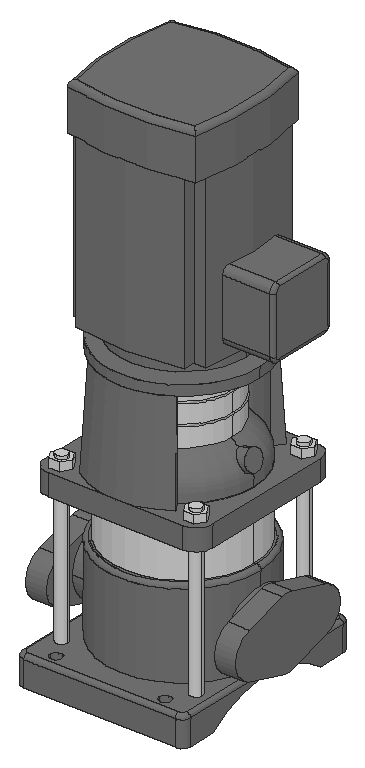
Revit family "TESK_Насос вертикальный с овальными фланцами_SVMT-15", category Оборудование, Revit 2019
Family settings
  Размер круглого соединителя = Использовать диаметр
  Классификация = Насос
  Тип детали = Вставляется
  На основе рабочей плоскости = Нет
  Всегда вертикально = Да
  При загрузке вырезать с полостями = Нет
  Общий = Нет
  Точка расчета площади = Нет
Parameters (values of type "Загрузите каталог типоразмеров TXT")
  Таблица_Поиска = "TESK_SVMT-15 ОФ"  # constant formula
  Производитель_Контакты = "info@teskpump.ru"
  Напор максимальный = 0
  Материал_КорпусУлитка = TESK_Черный_Условный
  Материал_КорпусДвигателя = TESK_Черный_Ребра_Условный
  Материал_2 = TESK_Нержавеющая сталь
  Материал_1 = TESK_Черный_Условный
  Длина_ВспомЛиния = 30 mm  # constant formula
  Высота_Перехода = size_lookup(Таблица_Поиска, "A5", 130 mm, ADSK_Марка)  # 130 mm
  Высота_Корпуса = size_lookup(Таблица_Поиска, "A1", 352 mm, ADSK_Марка)  # 352 mm
  Watermark [instance] = "Модели защищены уникальным кодом"
  URL = "www.teskpump.ru"
  ADSK_Свободный напор жидкости [instance] = 0.0 Pa
  ADSK_Расход жидкости [instance] = 0.0 L/s
  ADSK_Полная мощность = ADSK_Номинальная мощность * ADSK_Коэффициент мощности  # 0 kVA
  ADSK_Номинальная мощность = size_lookup(Таблица_Поиска, "Pow", 0 kW, ADSK_Марка)  # 0 kW
  ADSK_Напряжение = 400 V
  ADSK_Наименование краткое = "Вертикальный многоступенчатый центробежный насос"  # constant formula
  ADSK_Наименование = size_lookup(Таблица_Поиска, "Name", "Не найдено: Насос TESK SVMT-15", ADSK_Марка)  # "Не найдено: Насос TESK SVMT-15"
  ADSK_Масса_Текст = size_lookup(Таблица_Поиска, "mass_t", "Не найдено: Насос TESK SVMT-15", ADSK_Марка)  # "Не найдено: Насос TESK SVMT-15"
  ADSK_Масса = size_lookup(Таблица_Поиска, "mass", 0, ADSK_Марка)  # 0
  ADSK_Марка = "Загрузите каталог типоразмеров TXT"
  ADSK_Коэффициент мощности = 1
  ADSK_Количество фаз числовое = ADSK_Количество фаз  # 3
  ADSK_Количество фаз = if(ADSK_Напряжение = 230 V, 1, 3)  # 3
  ADSK_Количество = 1  # constant formula
  ADSK_Код изделия = size_lookup(Таблица_Поиска, "code", "Не найдено: Насос TESK SVMT-15", ADSK_Марка)  # "Не найдено: Насос TESK SVMT-15"
  ADSK_Классификация нагрузок = Прочее
  ADSK_Завод-изготовитель = "TESK"  # constant formula
  ADSK_Единица измерения = "шт."  # constant formula
  ADSK_Диаметр условный = 50 mm  # constant formula
  ADSK_Версия семейства = "1.0"  # constant formula
  ADSK_Версия Revit = "2019"  # constant formula
  Фланец_Толщина = 25 mm  # constant formula
  УГО_Длина = 250 mm  # constant formula
  Двигатель_Ширина = size_lookup(Таблица_Поиска, "A3", 170 mm, ADSK_Марка)  # 170 mm
  Двигатель_ОтступКоробки = size_lookup(Таблица_Поиска, "A4", 142 mm, ADSK_Марка)  # 142 mm
  Двигатель_Высота = size_lookup(Таблица_Поиска, "A2", 280 mm, ADSK_Марка)  # 280 mm
Reference planes
  plane 1 "По центру (Вперед/Назад)": y = 0
  plane 2: z = 0
  plane 3 "По центру (Влево/Вправо)": x = 0
  plane 4: x = -125
  plane 5: x = 125
  plane 6: x = -100
  plane 7: x = 100
  plane 8: z = -80
  plane 9: z = 272
  plane 10: z = -45
  plane 11: x = -85
  plane 12: z = 142
  plane 13: x = -50
  plane 14: z = 142
  plane 15: z = 117
  plane 16: x = -100
  plane 17: y = 100
  plane 18: x = 100
  plane 19: y = -100
  plane 20: z = 260
  plane 21: z = 187
  plane 22: x = -58
  plane 23: x = -60
  plane 24: z = 211.333
  plane 25: z = 235.667
  plane 26: z = 236.667
  plane 27: z = 234.667
  plane 28: z = 212.333
  plane 29: z = 210.333
  plane 30: z = 255
  plane 31: x = -85
  plane 32: x = -100
  plane 33: x = -92
  plane 34: x = -80
  plane 35: x = 80
  plane 36: y = -80
  plane 37: y = 80
  plane 38: z = 155
  plane 39: x = -100
  plane 40: x = 100
  plane 41: y = 123.5
  plane 42: y = -123.5
  plane 43: x = -65
  plane 44: x = 65
  plane 45: y = -107.5
  plane 46: y = 107.5
  plane 47: z = 45
  plane 48: z = 60
  plane 49: x = -85
  plane 50: x = -93
  plane 51: x = -80
  plane 52: x = 80
  plane 53: y = 80
  plane 54: y = -80
  plane 55: z = 60
  plane 56: z = -50
  plane 57: x = 95
  plane 58: x = 100
  plane 59: x = 85
  plane 60: x = 100
  plane 61: x = 92
  plane 62: z = 193.387
  plane 63: y = -80
  plane 64: y = 80
  plane 65: x = -100
  plane 66: x = 100
  plane 67: x = 55
  plane 68: z = 162
Forms (mm)
  Extrusion 1, solid, material "TESK_Черный_Условный" <- "Материал_КорпусУлитка", detail levels fine
    sketch origin (0, 0, 0) x (0, 1, 0) y (0, 0, 1)
      loop
        circle (0, 0) r 40
    from -100 to 100
  Revolve 2, solid, material "TESK_Черный_Условный" <- "Материал_1", detail levels fine
    sketch origin (0, 0, 0) x (1, 0, 0) y (0, 0, 1)
      loop
        line (0, 260) -> (-50, 260) -> (-50, 193.387)
        spline (-50, 193.387) -> (-51.902, 186.379) -> (-55.88, 184.278) -> (-60.634, 182.07) -> (-65.428, 179.293) -> (-69.591, 176.327) -> (-72.964, 173.449) -> (-75.78, 170.646) -> (-78.487, 167.259) -> (-80.986, 163.355) -> (-82.903, 159.12) -> (-84.356, 153.192) -> (-85, 142)
        line (-85, 142) -> (-85, 117) -> (0, 117) -> (0, 260)
      axis (0, 117) -> (0, 260)
    angle from 0 to 360
  Extrusion 3, solid, material "TESK_Черный_Условный" <- "Материал_1", detail levels fine
    sketch origin (0, 0, 0) x (1, 0, 0) y (0, 1, 0)
      loop
        line (-100, 80) -> (-100, -80)
        arc (-100, -80) -> (-94.142, -94.142) -> (-80, -100) r 20
        line (-80, -100) -> (80, -100)
        arc (80, -100) -> (94.142, -94.142) -> (100, -80) r 20
        line (100, -80) -> (100, 80)
        arc (100, 80) -> (94.142, 94.142) -> (80, 100) r 20
        line (80, 100) -> (-80, 100)
        arc (-80, 100) -> (-94.142, 94.142) -> (-100, 80) r 20
    from 117 to 142
  Revolve 4, solid, material "TESK_Нержавеющая сталь" <- "Материал_2", detail levels fine
    sketch origin (0, 0, 0) x (1, 0, 0) y (0, 0, 1)
      loop
        line (-60, 255) -> (-60, 236.667)
        arc (-60, 236.667) -> (-61, 235.667) -> (-60, 234.667) r 1
        line (-60, 234.667) -> (-60, 212.333)
        arc (-60, 212.333) -> (-61, 211.333) -> (-60, 210.333) r 1
        line (-60, 210.333) -> (-60, 187) -> (-58, 187) -> (-58, 255) -> (-60, 255)
      axis (0, 187) -> (0, 255)
    angle from 0 to 360
  Extrusion 5, solid, material "TESK_Черный_Условный" <- "Материал_1", detail levels fine
    sketch origin (0, 0, 0) x (1, 0, 0) y (0, 1, 0)
      loop
        circle (0, 0) r 92
    from 260 to 272
  Revolve 6, solid, material "TESK_Черный_Условный" <- "Материал_1", detail levels fine
    sketch origin (0, 0, 0) x (1, 0, 0) y (0, 0, 1)
      loop
        line (-85, 260) -> (-92, 260) -> (-100, 142) -> (-85, 142) -> (-85, 260)
      axis (0, 142) -> (0, 260)
    angle from 125 to 55
  Extrusion 7, solid, material "TESK_Нержавеющая сталь" <- "Материал_2", detail levels fine
    sketch origin (0, 0, 0) x (1, 0, 0) y (0, 1, 0)
      loop
        circle (-80, 80) r 7
      loop
        circle (80, 80) r 7
      loop
        circle (-80, -80) r 7
      loop
        circle (80, -80) r 7
    from -45 to 155
  Extrusion 8, solid, material "TESK_Черный_Условный" <- "Материал_1", detail levels fine
    sketch origin (0, 0, 0) x (1, 0, 0) y (0, 1, 0)
      loop
        arc (-90, 123.5) -> (-97.071, 120.571) -> (-100, 113.5) r 10
        line (-100, 113.5) -> (-100, -113.5)
        arc (-100, -113.5) -> (-97.071, -120.571) -> (-90, -123.5) r 10
        line (-90, -123.5) -> (90, -123.5)
        arc (90, -123.5) -> (97.071, -120.571) -> (100, -113.5) r 10
        line (100, -113.5) -> (100, 113.5)
        arc (100, 113.5) -> (97.071, 120.571) -> (90, 123.5) r 10
        line (90, 123.5) -> (-90, 123.5)
    from -80 to -45
  Extrusion 9, void
    sketch origin (0, 0, 0) x (1, 0, 0) y (0, 1, 0)
      loop
        circle (-65, 107.5) r 7
      loop
        circle (65, 107.5) r 7
      loop
        circle (-65, -107.5) r 7
      loop
        circle (65, -107.5) r 7
    from -80 to -45
  Revolve 10, solid, material "TESK_Черный_Условный" <- "Материал_КорпусУлитка", detail levels fine
    sketch origin (0, 0, 0) x (1, 0, 0) y (0, 0, 1)
      loop
        line (-93, -45) -> (0, -45) -> (0, 60) -> (-88, 60)
        arc (-88, 60) -> (-91.536, 58.536) -> (-93, 55) r 5
        line (-93, 55) -> (-93, -45)
      axis (0, -45) -> (0, 60)
    angle from 0 to 360
  Extrusion 11, solid, material "TESK_Нержавеющая сталь" <- "Материал_2", detail levels fine
    sketch origin (0, 0, 0) x (1, 0, 0) y (0, 1, 0)
      loop
        circle (0, 0) r 85
    from 60 to 117
  Sweep 12, void
    path in 3D
      loop
        arc (100, 113.5, -45) -> (97.071, 120.571, -45) -> (90, 123.5, -45) r 10
        line (90, 123.5, -45) -> (-90, 123.5, -45)
        arc (-90, 123.5, -45) -> (-97.071, 120.571, -45) -> (-100, 113.5, -45) r 10
        line (-100, 113.5, -45) -> (-100, -113.5, -45)
        arc (-100, -113.5, -45) -> (-97.071, -120.571, -45) -> (-90, -123.5, -45) r 10
        line (-90, -123.5, -45) -> (90, -123.5, -45)
        arc (90, -123.5, -45) -> (97.071, -120.571, -45) -> (100, -113.5, -45) r 10
        line (100, -113.5, -45) -> (100, 113.5, -45)
    profile origin (100, 0, -45) x (-1, 0, 0) y (0, 0, 1)
      loop
        line (5, 0) -> (0, 0) -> (0, -5)
        arc (0, -5) -> (1.464, -1.464) -> (5, 0) r 5
  Revolve 13, solid, material "TESK_Черный_Условный" <- "Материал_1", detail levels fine
    sketch origin (0, 0, 0) x (-1, 0, 0) y (0, 0, 1)
      loop
        line (-85, 260) -> (-92, 260) -> (-100, 142) -> (-85, 142) -> (-85, 260)
      axis (0, 142) -> (0, 260)
    angle from -125 to -55
  Extrusion 14, void
    sketch origin (0, 0, 0) x (0, 1, 0) y (0, 0, 1)
      loop
        line (-80, -80) -> (80, -80)
        arc (80, -80) -> (0, -52.47) -> (-80, -80) r 130
    from 100 to -100
  Extrusion 15, solid, material "TESK_Черный_Условный" <- "Материал_КорпусУлитка", detail levels fine
    sketch origin (0, 0, 0) x (0, 1, 0) y (0, 0, 1)
      loop
        line (-7.28, 41.486) -> (-56.312, 27.273)
        arc (-56.312, 27.273) -> (-77.26, 0) -> (-56.312, -27.273) r 28.228
        line (-56.312, -27.273) -> (-7.28, -41.486)
        arc (-7.28, -41.486) -> (0, -42.441) -> (7.28, -41.486) r 28.228
        line (7.28, -41.486) -> (56.312, -27.273)
        arc (56.312, -27.273) -> (77.26, 0) -> (56.312, 27.273) r 28.228
        line (56.312, 27.273) -> (7.28, 41.486)
        arc (7.28, 41.486) -> (0, 42.441) -> (-7.28, 41.486) r 28.228
    from 100 to 125
  Extrusion 16, solid, material "TESK_Черный_Условный" <- "Материал_КорпусУлитка", detail levels fine
    sketch origin (0, 0, 0) x (0, 1, 0) y (0, 0, 1)
      loop
        line (-7.28, 41.486) -> (-56.312, 27.273)
        arc (-56.312, 27.273) -> (-77.26, 0) -> (-56.312, -27.273) r 28.228
        line (-56.312, -27.273) -> (-7.28, -41.486)
        arc (-7.28, -41.486) -> (0, -42.441) -> (7.28, -41.486) r 28.228
        line (7.28, -41.486) -> (56.312, -27.273)
        arc (56.312, -27.273) -> (77.26, 0) -> (56.312, 27.273) r 28.228
        line (56.312, 27.273) -> (7.28, 41.486)
        arc (7.28, 41.486) -> (0, 42.441) -> (-7.28, 41.486) r 28.228
    from -100 to -125
  Sweep 17, solid, material "TESK_Черный_Условный" <- "Материал_1", detail levels fine
    path in 3D
      loop
        line (55, 0, 162) -> (83.978, 0, 169.765)
    profile origin (69.489, 0, 165.882) x (-0.258819, 0, 0.965926) y (0, -1, 0)
      loop
        circle (0, 0) r 12.65
Cuts and joins
  Extrusion 9, Sweep 12, Extrusion 14 cuts Extrusion 8
Lines and regions (mm)
  sketch lines
    curve 1: line (100, -113.5, -45) -> (100, 113.5, -45)
    curve 2: arc (90, 123.5, -45) -> (97.071, 120.571, -45) -> (100, 113.5, -45) r 10
    curve 3: line (90, 123.5, -45) -> (-90, 123.5, -45)
    curve 4: arc (-100, 113.5, -45) -> (-97.071, 120.571, -45) -> (-90, 123.5, -45) r 10
    curve 5: line (-100, 113.5, -45) -> (-100, -113.5, -45)
    curve 6: arc (-90, -123.5, -45) -> (-97.071, -120.571, -45) -> (-100, -113.5, -45) r 10
    curve 7: line (-90, -123.5, -45) -> (90, -123.5, -45)
    curve 8: arc (100, -113.5, -45) -> (97.071, -120.571, -45) -> (90, -123.5, -45) r 10
    curve 10: line (55, 0, 162) -> (83.978, 0, 169.765)
  reference lines
    curve 9: line (55, 0, 162) -> (83.978, 0, 169.765)
Dimensions and locks
  locked: plane 3 "По центру (Влево/Вправо)" to plane 4 at 125
  locked: plane 5 to plane 3 "По центру (Влево/Вправо)" at 125
  locked: plane 2 to plane 8 at 80
  locked: plane 10 to plane 8 at 35
  locked: plane 3 "По центру (Влево/Вправо)" to plane 11 at 85
  "Высота_Перехода": plane 9 to plane 12
  locked: plane 3 "По центру (Влево/Вправо)" to plane 13 at 50
  "Высота_Перехода": plane 9 to plane 14
  locked: plane 14 to plane 15 at 25
  equal spacing: plane 16, plane 3 "По центру (Влево/Вправо)", plane 18
  equal spacing: plane 17, plane 1 "По центру (Вперед/Назад)", plane 19
  locked: plane 19 to plane 1 "По центру (Вперед/Назад)" at 100
  locked: plane 16 to plane 3 "По центру (Влево/Вправо)" at 100
  locked: plane 21 to plane 14 at 45
  locked: plane 9 to plane 20 at 12
  locked: plane 3 "По центру (Влево/Вправо)" to plane 22 at 58
  locked: plane 3 "По центру (Влево/Вправо)" to plane 23 at 60
  equal spacing: plane 20, plane 25, plane 24, plane 21
  plane 26 to plane 25 to plane 27 = 1 mm locked, 1 mm locked
  plane 28 to plane 24 to plane 29 = 1 mm locked, 1 mm locked
  locked: plane 20 to plane 30 at 5
  locked: plane 3 "По центру (Влево/Вправо)" to plane 31 at 85
  locked: plane 32 to plane 3 "По центру (Влево/Вправо)" at 100
  locked: plane 3 "По центру (Влево/Вправо)" to plane 33 at 92
  equal spacing: plane 34, plane 3 "По центру (Влево/Вправо)", plane 35
  locked: plane 34 to plane 3 "По центру (Влево/Вправо)" at 80
  equal spacing: plane 37, plane 1 "По центру (Вперед/Назад)", plane 36
  locked: plane 37 to plane 1 "По центру (Вперед/Назад)" at 80
  locked: plane 38 to plane 14 at 13
  equal spacing: plane 39, plane 3 "По центру (Влево/Вправо)", plane 40
  locked: plane 39 to plane 3 "По центру (Влево/Вправо)" at 100
  equal spacing: plane 41, plane 1 "По центру (Вперед/Назад)", plane 42
  locked: plane 41 to plane 1 "По центру (Вперед/Назад)" at 123.5
  equal spacing: plane 43, plane 3 "По центру (Влево/Вправо)", plane 44
  locked: plane 43 to plane 3 "По центру (Влево/Вправо)" at 65
  equal spacing: plane 46, plane 1 "По центру (Вперед/Назад)", plane 45
  locked: plane 46 to plane 1 "По центру (Вперед/Назад)" at 107.5
  locked: plane 3 "По центру (Влево/Вправо)" to plane 49 at 85
  locked: plane 49 to plane 50 at 8
  locked: plane 47 to plane 2 at 45
  locked: plane 48 to plane 47 at 15
  equal spacing: plane 53, plane 1 "По центру (Вперед/Назад)", plane 54
  locked: plane 53 to plane 1 "По центру (Вперед/Назад)" at 80
  equal spacing: plane 51, plane 3 "По центру (Влево/Вправо)", plane 52
  locked: plane 3 "По центру (Влево/Вправо)" to plane 52 at 80
  locked: plane 55 to plane 2 at 60
  locked: plane 10 to plane 56 at 5
  locked: plane 3 "По центру (Влево/Вправо)" to plane 58 at 100
  locked: plane 57 to plane 58 at 5
  locked: plane 60 to plane 3 "По центру (Влево/Вправо)" at 100
  locked: plane 3 "По центру (Влево/Вправо)" to plane 61 at 92
  locked: plane 3 "По центру (Влево/Вправо)" to plane 59 at 85
  locked: plane 62 to plane 12 at 51.387
  "Фланец_Толщина": plane 6 to plane 4
  "Фланец_Толщина": plane 5 to plane 7
  "Высота_Корпуса": plane 9 to plane 8
  equal spacing: plane 63, plane 1 "По центру (Вперед/Назад)", plane 64
  locked: plane 63 to plane 1 "По центру (Вперед/Назад)" at 80
  equal spacing: plane 66, plane 3 "По центру (Влево/Вправо)", plane 65
  locked: plane 3 "По центру (Влево/Вправо)" to plane 65 at 100
  locked: plane 8 to Extrusion 14 sketch curve at 102.47
  equal spacing: Extrusion 15 sketch curve, plane 2, Extrusion 15 sketch curve
  equal spacing: Extrusion 15 sketch curve, plane 1 "По центру (Вперед/Назад)", Extrusion 15 sketch curve
  locked: Extrusion 15 sketch curve to plane 1 "По центру (Вперед/Назад)" at 49.032
  locked: Extrusion 15 sketch curve to plane 2 at 14.213
  equal spacing: Extrusion 16 sketch curve, plane 2, Extrusion 16 sketch curve
  equal spacing: Extrusion 16 sketch curve, plane 1 "По центру (Вперед/Назад)", Extrusion 16 sketch curve
  locked: Extrusion 16 sketch curve to plane 1 "По центру (Вперед/Назад)" at 49.032
  locked: Extrusion 16 sketch curve to plane 2 at 14.213
  locked: plane 67 to plane 3 "По центру (Влево/Вправо)" at 55
  locked: plane 68 to plane 14 at 20
  "Длина_ВспомЛиния": curve 9 to curve 9
  diameter of Extrusion 1 sketch curve = 80 mm
  radius of Extrusion 3 sketch curve = 20 mm  (x4)
  radius of Revolve 4 sketch curve = 1 mm  (x2)
  diameter of Extrusion 5 sketch curve = 184 mm
  diameter of Extrusion 7 sketch curve = 14 mm  (x4)
  radius of Extrusion 8 sketch curve = 10 mm  (x4)
  diameter of Extrusion 9 sketch curve = 14 mm  (x4)
  diameter of Extrusion 11 sketch curve = 170 mm
  radius of Sweep 12 sketch curve = 5 mm
  radius of Revolve 10 sketch curve = 5 mm
  radius of Extrusion 14 sketch curve = 130 mm
  radius of Extrusion 15 sketch curve = 28.228 mm  (x4)
  radius of Extrusion 16 sketch curve = 28.228 mm  (x4)
  diameter of Sweep 17 sketch curve = 25.3 mm
  locked: plane 68 to curve 9 (angle 15.00°)
  aligned and locked: level to plane 2
  aligned and locked: Extrusion 1 to plane 6
  aligned and locked: plane 7 to Extrusion 1
  aligned and locked: plane 9 to nested 1
  aligned and locked: plane 3 "По центру (Влево/Вправо)" to Revolve 2 sketch curve
  aligned and locked: Revolve 2 sketch curve to plane 3 "По центру (Влево/Вправо)"
  aligned and locked: Revolve 2 sketch curve to plane 11
  aligned and locked: plane 12 to Revolve 2 sketch curve
  aligned and locked: Extrusion 3 sketch curve to plane 16
  aligned and locked: Extrusion 3 sketch curve to plane 17
  aligned and locked: Extrusion 3 sketch curve to plane 18
  aligned and locked: Extrusion 3 sketch curve to plane 19
  aligned and locked: plane 14 to Extrusion 3
  aligned and locked: Extrusion 3 to plane 15
  aligned and locked: plane 3 "По центру (Влево/Вправо)" to Revolve 4 sketch curve
  aligned and locked: Revolve 4 sketch curve to plane 23  (x3)
  aligned and locked: Revolve 4 sketch curve to plane 21
  aligned and locked: Revolve 4 sketch curve to plane 22
  aligned and locked: Revolve 4 sketch curve to plane 30
  aligned and locked: Extrusion 5 to plane 20
  aligned and locked: plane 9 to Extrusion 5
  aligned and locked: plane 3 "По центру (Влево/Вправо)" to Revolve 6 sketch curve
  aligned and locked: Revolve 6 sketch curve to plane 31
  aligned and locked: plane 14 to Revolve 6 sketch curve
  aligned and locked: plane 37 to Extrusion 7 sketch curve  (x2)
  aligned and locked: plane 34 to Extrusion 7 sketch curve  (x2)
  aligned and locked: plane 35 to Extrusion 7 sketch curve  (x2)
  aligned and locked: plane 36 to Extrusion 7 sketch curve  (x2)
  aligned and locked: Extrusion 7 to plane 10
  aligned and locked: plane 38 to Extrusion 7
  aligned and locked: Extrusion 8 sketch curve to plane 41
  aligned and locked: Extrusion 8 sketch curve to plane 39
  aligned and locked: Extrusion 8 sketch curve to plane 40
  aligned and locked: Extrusion 8 sketch curve to plane 42
  aligned and locked: plane 8 to Extrusion 8
  aligned and locked: plane 10 to Extrusion 8
  aligned and locked: Revolve 2 sketch curve to plane 20
  aligned and locked: nested 2 to plane 1 "По центру (Вперед/Назад)"
  aligned and locked: nested 2 to plane 3 "По центру (Влево/Вправо)"
  aligned and locked: nested 3 to plane 3 "По центру (Влево/Вправо)"
  aligned and locked: nested 3 to plane 1 "По центру (Вперед/Назад)"
  aligned and locked: plane 2 to nested 3
  aligned and locked: plane 43 to Extrusion 9 sketch curve  (x2)
  aligned and locked: plane 45 to Extrusion 9 sketch curve
  aligned and locked: plane 44 to Extrusion 9 sketch curve  (x2)
  aligned and locked: plane 46 to Extrusion 9 sketch curve  (x2)
  aligned and locked: plane 10 to Extrusion 9
  aligned and locked: Extrusion 9 to plane 8
  aligned and locked: plane 3 "По центру (Влево/Вправо)" to Revolve 10 sketch curve
  aligned and locked: Revolve 10 sketch curve to plane 10
  aligned and locked: Revolve 10 sketch curve to plane 50
  aligned and locked: Revolve 10 sketch curve to plane 48
  aligned and locked: Revolve 10 sketch curve to plane 3 "По центру (Влево/Вправо)"
  aligned and locked: plane 3 "По центру (Влево/Вправо)" to nested 1
  aligned and locked: plane 1 "По центру (Вперед/Назад)" to nested 1
  aligned and locked: nested 4 to plane 53
  aligned and locked: plane 52 to nested 4
  aligned and locked: plane 53 to nested 5
  aligned and locked: plane 51 to nested 5
  aligned and locked: plane 54 to nested 7
  aligned and locked: nested 7 to plane 51
  aligned and locked: nested 6 to plane 54
  aligned and locked: nested 6 to plane 52
  aligned and locked: plane 14 to nested 6
  aligned and locked: nested 4 to plane 14
  aligned and locked: nested 7 to plane 14
  aligned and locked: plane 14 to nested 5
  aligned and locked: Revolve 2 sketch curve to plane 15
  aligned and locked: plane 1 "По центру (Вперед/Назад)" to Extrusion 11 sketch curve
  aligned and locked: plane 3 "По центру (Влево/Вправо)" to Extrusion 11 sketch curve
  aligned and locked: plane 15 to Extrusion 11
  aligned and locked: Extrusion 11 to plane 55
  aligned and locked: plane 10 to Sweep 12 sketch curve
  aligned and locked: plane 58 to Sweep 12 sketch curve
  aligned and locked: Revolve 2 sketch curve to plane 13
  aligned and locked: Revolve 6 sketch curve to plane 20
  aligned and locked: plane 33 to Revolve 6 sketch curve
  aligned and locked: Revolve 13 sketch curve to plane 59
  aligned and locked: Revolve 13 sketch curve to plane 60
  aligned and locked: Revolve 13 sketch curve to plane 14
  aligned and locked: Revolve 13 sketch curve to plane 20
  aligned and locked: plane 62 to Revolve 2 sketch curve
  aligned and locked: plane 32 to Revolve 6 sketch curve
  aligned and locked: plane 61 to Revolve 13 sketch curve
  aligned and locked: plane 63 to Extrusion 14 sketch curve
  aligned and locked: plane 64 to Extrusion 14 sketch curve
  aligned and locked: Extrusion 14 to plane 66
  aligned and locked: Extrusion 14 to plane 65
  aligned and locked: plane 1 "По центру (Вперед/Назад)" to Extrusion 14 sketch curve
  aligned and locked: plane 1 "По центру (Вперед/Назад)" to Extrusion 15 sketch curve  (x2)
  aligned and locked: plane 2 to Extrusion 15 sketch curve  (x2)
  aligned and locked: Extrusion 15 to plane 7
  aligned and locked: plane 5 to Extrusion 15
  aligned and locked: plane 2 to Extrusion 16 sketch curve  (x2)
  aligned and locked: plane 1 "По центру (Вперед/Назад)" to Extrusion 16 sketch curve  (x2)
  aligned and locked: Extrusion 16 to plane 6
  aligned and locked: Extrusion 16 to plane 4
  aligned and locked: plane 67 to curve 9
  aligned and locked: plane 68 to curve 9
Automatic sketch dimensions
  Extrusion 1 sketch curve to level = 0 mm
  Extrusion 1 sketch curve to plane 1 "По центру (Вперед/Назад)" = 0 mm
  Revolve 4 sketch curve to plane 29 = 0 mm
  Revolve 4 sketch curve to plane 27 = 0 mm
  Revolve 4 sketch curve to plane 21 = 10 mm
  plane 38 to Revolve 4 sketch curve = 2 mm
  plane 1 "По центру (Вперед/Назад)" to Extrusion 5 sketch curve = 0 mm
  Extrusion 5 sketch curve to plane 3 "По центру (Влево/Вправо)" = 0 mm
  Extrusion 9 sketch curve to plane 45 = 0 mm
  Sweep 12 sketch curve to profile plane = 0 mm
  Sweep 12 sketch curve to plane 57 = 0 mm
  Sweep 12 sketch curve to plane 56 = 0 mm  (x2)
  Revolve 6 sketch curve to plane 21 = 7.057 mm
  Revolve 13 sketch curve to plane 3 "По центру (Влево/Вправо)" = 0 mm
  plane 21 to Revolve 13 sketch curve = 7.057 mm
  Revolve 10 sketch curve to Revolve 10 sketch curve = 27 mm
  Revolve 10 sketch curve to plane 15 = 10 mm
  Extrusion 15 sketch curve to Extrusion 15 sketch curve = 0 mm
  Extrusion 15 sketch curve to Extrusion 15 sketch curve = 7.28 mm  (x5)
  Extrusion 15 sketch curve to Extrusion 15 sketch curve = 14.56 mm
  Extrusion 15 sketch curve to plane 1 "По центру (Вперед/Назад)" = 7.28 mm
  Extrusion 16 sketch curve to Extrusion 16 sketch curve = 0 mm
  Extrusion 16 sketch curve to Extrusion 16 sketch curve = 7.28 mm  (x5)
  Extrusion 16 sketch curve to Extrusion 16 sketch curve = 14.56 mm
  Extrusion 16 sketch curve to Extrusion 16 sketch curve = 14.213 mm
  plane 38 to Revolve 6 sketch curve = 5 mm
  Revolve 13 sketch curve to plane 38 = 5 mm
  Sweep 17 sketch curve to profile plane = 0 mm
  profile plane to Sweep 17 sketch curve = 0 mm
  Revolve 2 sketch curve to plane 15 = 8 mm
  Revolve 2 sketch curve to Revolve 2 sketch curve = 2 mm
Nested families
  nested 1: "Электродвигатель" at (0, 0, 272), Высота_Двигателя <- "Двигатель_Высота", Отступ_Коробка <- "Двигатель_ОтступКоробки", Ширина_Двигателя <- "Двигатель_Ширина", ADSK_Материал <- "Материал_1", Материал_Корпуса <- "Материал_КорпусДвигателя", type "Электродвигатель", detail levels fine
    with Ширина_Коробки 85 mm, Ширина_Двигателя 170 mm, Отступ_Коробка 142 mm, Материал_Корпуса TESK_Черный_Ребра_Условный, Высота_Двигателя 280 mm, r_Крышка 6.8 mm, r_Коробка 8.5 mm, r2_Коробка 4.25 mm, r2 76.5 mm, r1 62.9 mm, h4 14 mm, h3 56 mm, h2 16.8 mm, h1 5.6 mm, a 20.4 mm, R 323 mm, ADSK_Материал TESK_Черный_Условный
  nested 2: "Вл_УГО_Насос_2D" at (0, 0, 0) x (-1, 0, 0) z (0, 0, 1), L_УГО <- "УГО_Длина", type "Вл_УГО_Насос_2D", detail levels coarse+medium
    with L_УГО 250 mm
  nested 3: "Вл_УГО_Насос_3D" at (0, 0, 0) x (-1, 0, 0) z (0, -1, 0), L_УГО <- "УГО_Длина", type "Вл_УГО_Насос_3D", detail levels coarse+medium
    with L_УГО 250 mm
  nested 4: "Гайка_Условная" at (80, 80, 142), Материал1 <- "Материал_2", type "Гайка_Условная", detail levels fine
    with Толщина_Гайка 10 mm, Материал1 TESK_Нержавеющая сталь, S_Гайка 22 mm, D_Вн 14 mm
  nested 5: "Гайка_Условная" at (-80, 80, 142) x (-1, 0, 0) z (0, 0, 1), Материал1 <- "Материал_2", type "Гайка_Условная", detail levels fine
    with Толщина_Гайка 10 mm, Материал1 TESK_Нержавеющая сталь, S_Гайка 22 mm, D_Вн 14 mm
  nested 6: "Гайка_Условная" at (80, -80, 142), Материал1 <- "Материал_2", type "Гайка_Условная", detail levels fine
    with Толщина_Гайка 10 mm, Материал1 TESK_Нержавеющая сталь, S_Гайка 22 mm, D_Вн 14 mm
  nested 7: "Гайка_Условная" at (-80, -80, 142) x (-1, 0, 0) z (0, 0, 1), Материал1 <- "Материал_2", type "Гайка_Условная", detail levels fine
    with Толщина_Гайка 10 mm, Материал1 TESK_Нержавеющая сталь, S_Гайка 22 mm, D_Вн 14 mm
Connectors
  electrical at (0, 0, 496), driven by "ADSK_Количество фаз", driven by "ADSK_Классификация нагрузок", driven by "ADSK_Напряжение", driven by "ADSK_Полная мощность", driven by "ADSK_Коэффициент мощности"
    settings: on nested 1, index 1, voltage 400 V, apparent load 0 kVA, apparent load phase1 0 kVA, apparent load phase2 0 kVA, apparent load phase3 0 kVA, power factor 1, load classification "Прочее", number of poles 3, system type 30, power factor state 1, is connector primary yes, connector utility no, sub classification motor no, connector description ""
  piping at (-125, 0, 0), diameter 50, driven by "ADSK_Диаметр условный", driven by "ADSK_Расход жидкости"
    settings: on Extrusion 16, index 2, connector inside diameter 609.6 mm, connector length 0 mm, flow factor 0, pipe flow 0.0 L/s, pressure drop 0.0 Pa, fitting loss kfactor 0, connector angle 0.00°, fixture units 0, engagement length 0 mm, angle of deflection 0.00°, flow configuration 0, flow direction 1, fitting loss method 0, system type 29, joint type 0, gender type 0, connector reference index 3, connector utility 0, adjustable connector no, is connector primary no, connector description ""
  piping at (125, 0, 0), diameter 50, driven by "ADSK_Диаметр условный", driven by "ADSK_Расход жидкости"
    settings: on Extrusion 15, index 3, connector inside diameter 609.6 mm, connector length 0 mm, flow factor 0, pipe flow 0.0 L/s, pressure drop 0.0 Pa, fitting loss kfactor 0, connector angle 0.00°, fixture units 0, engagement length 0 mm, angle of deflection 0.00°, flow configuration 0, flow direction 2, fitting loss method 0, system type 29, joint type 0, gender type 0, connector reference index 2, connector utility 0, adjustable connector no, is connector primary yes, connector description ""
Definition of nested family "Электродвигатель"
  Parameters (values of type "Электродвигатель")
    Ширина_Коробки [instance] = Ширина_Двигателя * 0.5  # 74 mm
    Ширина_Двигателя [instance] = 148 mm
    Отступ_Коробка [instance] = 117 mm
    Материал_Корпуса [instance] = none
    Высота_Двигателя [instance] = 239 mm
    r_Крышка [instance] = Ширина_Двигателя * 0.04  # 5.92 mm
    r_Коробка [instance] = Ширина_Коробки * 0.1  # 7.4 mm
    r2_Коробка [instance] = Ширина_Коробки * 0.05  # 3.7 mm
    r2 [instance] = Ширина_Двигателя * 0.45  # 66.6 mm
    r1 [instance] = Ширина_Двигателя * 0.37  # 54.76 mm
    h4 [instance] = Высота_Двигателя * 0.05  # 11.95 mm
    h3 [instance] = Высота_Двигателя * 0.2  # 47.8 mm
    h2 [instance] = Высота_Двигателя * 0.06  # 14.34 mm
    h1 [instance] = Высота_Двигателя * 0.02  # 4.78 mm
    a [instance] = Ширина_Двигателя * 0.12  # 17.76 mm
    R [instance] = Ширина_Двигателя * 1.9  # 281.2 mm
    ADSK_Материал [instance] = none
  Reference planes
    plane 1 "По центру (Вперед/Назад)": y = 0
    plane 2: z = 0
    plane 3 "По центру (Влево/Вправо)": x = 0
    plane 4: z = 239
    plane 5: x = -74
    plane 6: x = 74
    plane 7: x = 117
    plane 8: y = 74
    plane 9: y = -74
    plane 10: z = 4.78
    plane 11: z = 19.12
    plane 12: z = 191.2
    plane 13: x = -56.24
    plane 14: y = -56.24
    plane 15: y = 56.24
    plane 16: x = -56.24
    plane 17: x = 56.24
    plane 18: y = 56.24
    plane 19: x = 56.24
    plane 20: y = -56.24
    plane 21: x = -66.6
    plane 22: x = -54.76
    plane 23: x = 207.2
    plane 24: x = -207.2
    plane 25: y = -207.2
    plane 26: y = 207.2
    plane 27: x = 207.2
    plane 28: y = -207.2
    plane 29: x = -207.2
    plane 30: y = 207.2
    plane 31: y = 68.08
    plane 32: z = 233.08
    plane 33: z = 31.07
    plane 34: z = 105.07
    plane 35: y = -37
    plane 36: y = 37
    plane 37: x = 113.3
    plane 38: z = 101.37
  Forms (mm)
    Extrusion 1, solid, material <- "Материал_Корпуса"
      sketch origin (0, 0, 0) x (1, 0, 0) y (0, 1, 0)
        loop
          arc (-68.319, 56.24) -> (-74, 0) -> (-68.319, -56.24) r 281.2
          line (-68.319, -56.24) -> (-56.24, -56.24) -> (-56.24, -68.319)
          arc (-56.24, -68.319) -> (0, -74) -> (56.24, -68.319) r 281.2
          line (56.24, -68.319) -> (56.24, -56.24) -> (68.319, -56.24)
          arc (68.319, -56.24) -> (74, 0) -> (68.319, 56.24) r 281.2
          line (68.319, 56.24) -> (56.24, 56.24) -> (56.24, 68.319)
          arc (56.24, 68.319) -> (0, 74) -> (-56.24, 68.319) r 281.2
          line (-56.24, 68.319) -> (-56.24, 56.24) -> (-68.319, 56.24)
      from 19.12 to 191.2
    Revolve 2, solid, material <- "ADSK_Материал"
      sketch origin (0, 0, 0) x (1, 0, 0) y (0, 0, 1)
        loop
          line (-66.6, 19.12) -> (-66.6, 4.78) -> (-54.76, 4.78) -> (-54.76, 0) -> (0, 0) -> (0, 19.12) -> (-66.6, 19.12)
        axis (0, 0) -> (0, 19.12)
      angle from 0 to 360
    Extrusion 3, solid, material <- "ADSK_Материал"
      sketch origin (0, 0, 0) x (1, 0, 0) y (0, 1, 0)
        loop
          arc (-66.117, 66.117) -> (-74, 0) -> (-66.117, -66.117) r 281.2
          arc (-66.117, -66.117) -> (0, -74) -> (66.117, -66.117) r 281.2
          arc (66.117, -66.117) -> (74, 0) -> (66.117, 66.117) r 281.2
          arc (66.117, 66.117) -> (0, 74) -> (-66.117, 66.117) r 281.2
      from 191.2 to 239
    Sweep 4, void
      path in 3D
        loop
          arc (66.117, 66.117, 239) -> (74, 0, 239) -> (66.117, -66.117, 239) r 281.2
          arc (66.117, -66.117, 239) -> (0, -74, 239) -> (-66.117, -66.117, 239) r 281.2
          arc (-66.117, -66.117, 239) -> (-74, 0, 239) -> (-66.117, 66.117, 239) r 281.2
          arc (-66.117, 66.117, 239) -> (0, 74, 239) -> (66.117, 66.117, 239) r 281.2
      profile origin (0, 74, 239) x (0, 1, 0) y (0, 0, 1)
        loop
          line (0, 0) -> (-5.92, 0)
          arc (-5.92, 0) -> (-1.734, -1.734) -> (0, -5.92) r 5.92
          line (0, -5.92) -> (0, 0)
    Extrusion 5, solid, material <- "ADSK_Материал"
      sketch origin (0, 0, 0) x (0, 1, 0) y (0, 0, 1)
        loop
          line (-29.6, 31.07) -> (29.6, 31.07)
          arc (29.6, 31.07) -> (34.833, 33.237) -> (37, 38.47) r 7.4
          line (37, 38.47) -> (37, 97.67)
          arc (37, 97.67) -> (34.833, 102.903) -> (29.6, 105.07) r 7.4
          line (29.6, 105.07) -> (-29.6, 105.07)
          arc (-29.6, 105.07) -> (-34.833, 102.903) -> (-37, 97.67) r 7.4
          line (-37, 97.67) -> (-37, 38.47)
          arc (-37, 38.47) -> (-34.833, 33.237) -> (-29.6, 31.07) r 7.4
      from 0 to 117
    Sweep 6, void
      path in 3D
        loop
          arc (117, -29.6, 105.07) -> (117, -34.833, 102.903) -> (117, -37, 97.67) r 7.4
          line (117, -37, 97.67) -> (117, -37, 38.47)
          arc (117, -37, 38.47) -> (117, -34.833, 33.237) -> (117, -29.6, 31.07) r 7.4
          line (117, -29.6, 31.07) -> (117, 29.6, 31.07)
          arc (117, 29.6, 31.07) -> (117, 34.833, 33.237) -> (117, 37, 38.47) r 7.4
          line (117, 37, 38.47) -> (117, 37, 97.67)
          arc (117, 37, 97.67) -> (117, 34.833, 102.903) -> (117, 29.6, 105.07) r 7.4
          line (117, 29.6, 105.07) -> (117, -29.6, 105.07)
      profile origin (117, 0, 105.07) x (1, 0, 0) y (0, 0, 1)
        loop
          arc (-3.7, 0) -> (-1.084, -1.084) -> (0, -3.7) r 3.7
          line (0, -3.7) -> (0, 0) -> (-3.7, 0)
  Cuts and joins
    Sweep 4 cuts Extrusion 3
    Sweep 6 cuts Extrusion 5
  Lines and regions (mm)
    sketch lines
      curve 1: arc (-66.117, 66.117, 239) -> (0, 74, 239) -> (66.117, 66.117, 239) r 281.2
      curve 2: arc (66.117, 66.117, 239) -> (74, 0, 239) -> (66.117, -66.117, 239) r 281.2
      curve 3: arc (66.117, -66.117, 239) -> (0, -74, 239) -> (-66.117, -66.117, 239) r 281.2
      curve 4: arc (-66.117, -66.117, 239) -> (-74, 0, 239) -> (-66.117, 66.117, 239) r 281.2
      curve 5: line (117, 29.6, 105.07) -> (117, -29.6, 105.07)
      curve 6: arc (117, 29.6, 105.07) -> (117, 34.833, 102.903) -> (117, 37, 97.67) r 7.4
      curve 7: line (117, 37, 38.47) -> (117, 37, 97.67)
      curve 8: arc (117, 37, 38.47) -> (117, 34.833, 33.237) -> (117, 29.6, 31.07) r 7.4
      curve 9: line (117, -29.6, 31.07) -> (117, 29.6, 31.07)
      curve 10: arc (117, -29.6, 31.07) -> (117, -34.833, 33.237) -> (117, -37, 38.47) r 7.4
      curve 11: line (117, -37, 97.67) -> (117, -37, 38.47)
      curve 12: arc (117, -37, 97.67) -> (117, -34.833, 102.903) -> (117, -29.6, 105.07) r 7.4
  Dimensions and locks
    "Высота_Двигателя": plane 4 to plane 2
    equal spacing: plane 6, plane 3 "По центру (Влево/Вправо)", plane 5
    "Ширина_Двигателя": plane 6 to plane 5
    "Отступ_Коробка": plane 7 to plane 3 "По центру (Влево/Вправо)"
    equal spacing: plane 8, plane 1 "По центру (Вперед/Назад)", plane 9
    "Ширина_Двигателя": plane 8 to plane 9
    "a": plane 5 to plane 13
    "a": plane 14 to plane 9
    "a": plane 19 to plane 6
    "a": plane 20 to plane 9
    "a": plane 17 to plane 6
    "a": plane 8 to plane 18
    "a": plane 8 to plane 15
    "a": plane 5 to plane 16
    "r1": plane 3 "По центру (Влево/Вправо)" to plane 22
    "r2": plane 3 "По центру (Влево/Вправо)" to plane 21
    "h1": plane 10 to plane 2
    "h2": plane 11 to plane 10
    "h3": plane 4 to plane 12
    "R": plane 8 to plane 25
    "R": plane 5 to plane 23
    "R": plane 26 to plane 9
    "R": plane 24 to plane 6
    "R": plane 30 to plane 9
    "R": plane 8 to plane 28
    "R": plane 29 to plane 6
    "R": plane 5 to plane 27
    "r_Крышка": plane 8 to plane 31
    "r_Крышка": plane 4 to plane 32
    "h4": plane 33 to plane 11
    "Ширина_Коробки": plane 34 to plane 33
    equal spacing: plane 35, plane 1 "По центру (Вперед/Назад)", plane 36
    "Ширина_Коробки": plane 35 to plane 36
    "r2_Коробка": plane 7 to plane 37
    "r2_Коробка": plane 34 to plane 38
    "R": radius of Extrusion 1 sketch curve  (x4)
    "R": radius of Extrusion 3 sketch curve  (x4)
    "r_Крышка": radius of Sweep 4 sketch curve
    "r_Коробка": radius of Extrusion 5 sketch curve  (x4)
    "r2_Коробка": radius of Sweep 6 sketch curve
    aligned and locked: level to plane 2
    aligned and locked: Extrusion 1 sketch curve to plane 16
    aligned and locked: Extrusion 1 sketch curve to plane 17
    aligned and locked: Extrusion 1 sketch curve to plane 18
    aligned and locked: Extrusion 1 sketch curve to plane 20
    aligned and locked: Extrusion 1 sketch curve to plane 19
    aligned and locked: Extrusion 1 sketch curve to plane 13
    aligned and locked: Extrusion 1 sketch curve to plane 14
    aligned and locked: plane 12 to Extrusion 1
    aligned and locked: Extrusion 1 to plane 11
    aligned and locked: plane 3 "По центру (Влево/Вправо)" to Revolve 2 sketch curve
    aligned and locked: Revolve 2 sketch curve to plane 11
    aligned and locked: Revolve 2 sketch curve to plane 3 "По центру (Влево/Вправо)"
    aligned and locked: Revolve 2 sketch curve to level
    aligned and locked: Revolve 2 sketch curve to plane 21
    aligned and locked: Revolve 2 sketch curve to plane 22
    aligned and locked: Revolve 2 sketch curve to plane 10
    aligned and locked: plane 23 to Extrusion 1 sketch curve
    aligned and locked: plane 1 "По центру (Вперед/Назад)" to Extrusion 1 sketch curve  (x2)
    aligned and locked: plane 25 to Extrusion 1 sketch curve
    aligned and locked: plane 3 "По центру (Влево/Вправо)" to Extrusion 1 sketch curve  (x2)
    aligned and locked: plane 24 to Extrusion 1 sketch curve
    aligned and locked: plane 26 to Extrusion 1 sketch curve
    aligned and locked: plane 28 to Extrusion 3 sketch curve
    aligned and locked: plane 3 "По центру (Влево/Вправо)" to Extrusion 3 sketch curve  (x2)
    aligned and locked: plane 1 "По центру (Вперед/Назад)" to Extrusion 3 sketch curve  (x2)
    aligned and locked: plane 29 to Extrusion 3 sketch curve
    aligned and locked: plane 30 to Extrusion 3 sketch curve
    aligned and locked: plane 27 to Extrusion 3 sketch curve
    aligned and locked: plane 4 to Extrusion 3
    aligned and locked: Extrusion 3 to plane 12
    aligned and locked: profile plane to Sweep 4 sketch curve  (x2)
    aligned and locked: Extrusion 5 sketch curve to plane 33
    aligned and locked: Extrusion 5 sketch curve to plane 35
    aligned and locked: Extrusion 5 sketch curve to plane 34
    aligned and locked: Extrusion 5 sketch curve to plane 36
    aligned and locked: Extrusion 5 to plane 3 "По центру (Влево/Вправо)"
    aligned and locked: plane 7 to Extrusion 5
    aligned and locked: Sweep 6 sketch curve to plane 34
    aligned and locked: Sweep 6 sketch curve to plane 7
    aligned and locked: plane 37 to Sweep 6 sketch curve
    aligned and locked: plane 38 to Sweep 6 sketch curve
  Automatic sketch dimensions
    Extrusion 1 sketch curve to plane 15 = 0 mm
    plane 10 to Revolve 2 sketch curve = 5 mm
    Revolve 2 sketch curve to plane 11 = 0.698 mm
    Sweep 4 sketch curve to plane 31 = 0 mm  (x2)
    Sweep 4 sketch curve to plane 32 = 0 mm  (x2)
    Sweep 6 sketch curve to plane 37 = 0 mm
    Sweep 6 sketch curve to plane 38 = 0 mm
Definition of nested family "Вл_УГО_Насос_3D"
  Parameters (values of type "Вл_УГО_Насос_3D")
    L_УГО [instance] = 490 mm
    D = 200 mm  # constant formula
  Reference planes
    plane 1 "По центру (Вперед/Назад)": y = 0
    plane 2: z = 0
    plane 3 "По центру (Влево/Вправо)": x = 0
    plane 4: x = -245
    plane 5: x = 245
    plane 6: z = -1
    plane 7: z = 1
    plane 8: z = 0.5
    plane 9: z = -0.5
  Forms (mm)
    Extrusion 1, solid
      sketch origin (0, 0, 0) x (1, 0, 0) y (0, 1, 0)
        loop
          circle (0, 0) r 100
      from -0.5 to 0.5
    Extrusion 2, solid
      sketch origin (0, 0, 0) x (1, 0, 0) y (0, 1, 0)
        loop
          line (-100, 0) -> (50, -86.603) -> (50, 86.603) -> (-100, 0)
      from -1 to 1
  Lines and regions (mm)
    model lines
      curve 1: line (-245, 0, 0) -> (-100, 0, 0)
      curve 2: line (100, 0, 0) -> (245, 0, 0)
  Dimensions and locks
    equal spacing: plane 4, plane 3 "По центру (Влево/Вправо)", plane 5
    plane 7 to level to plane 6 = 1 mm locked, 1 mm locked
    plane 8 to level = 0.5 mm
    level to plane 9 = 0.5 mm
    "L_УГО": plane 4 to plane 5
    "D": diameter of Extrusion 1 sketch curve
    aligned and locked: level to plane 2
    aligned and locked: plane 3 "По центру (Влево/Вправо)" to Extrusion 1 sketch curve
    aligned and locked: plane 1 "По центру (Вперед/Назад)" to Extrusion 1 sketch curve
    aligned and locked: plane 8 to Extrusion 1
    aligned and locked: Extrusion 1 to plane 9
    aligned and locked: Extrusion 2 to plane 6
    aligned and locked: plane 7 to Extrusion 2
    aligned and locked: plane 1 "По центру (Вперед/Назад)" to curve 1
    aligned and locked: plane 4 to curve 1
    aligned and locked: plane 5 to curve 2
  Automatic sketch dimensions
    plane 1 "По центру (Вперед/Назад)" to Extrusion 2 sketch curve = 0 mm
    plane 3 "По центру (Влево/Вправо)" to Extrusion 2 sketch curve = 50 mm
    plane 1 "По центру (Вперед/Назад)" to Extrusion 2 sketch curve = 86.603 mm
    Extrusion 2 sketch curve to plane 1 "По центру (Вперед/Назад)" = 86.603 mm
    Extrusion 2 sketch curve to plane 3 "По центру (Влево/Вправо)" = 100 mm
    plane 1 "По центру (Вперед/Назад)" to curve 1 = 0 mm
    plane 1 "По центру (Вперед/Назад)" to curve 2 = 0 mm
    curve 1 to plane 3 "По центру (Влево/Вправо)" = 100 mm
    plane 3 "По центру (Влево/Вправо)" to curve 2 = 100 mm
Definition of nested family "Гайка_Условная"
  Parameters (values of type "Гайка_Условная")
    Толщина_Гайка [instance] = 10 mm
    Материал1 [instance] = none
    S_Гайка [instance] = 15 mm
    D_Вн [instance] = 10 mm
  Reference planes
    plane 1 "По центру (Вперед/Назад)": y = 0
    plane 2: z = 0
    plane 3 "По центру (Влево/Вправо)": x = 0
    plane 4: z = 10
  Forms (mm)
    Extrusion 1, solid, material <- "Материал1"
      sketch origin (0, 0, 0) x (1, 0, 0) y (0, 1, 0)
        loop
          line (8.66, 0) -> (4.33, 7.5) -> (-4.33, 7.5) -> (-8.66, 0) -> (-4.33, -7.5) -> (4.33, -7.5) -> (8.66, 0)
        loop
          circle (0, 0) r 5
      from 0 to 10
  Dimensions and locks
    equal spacing: Extrusion 1 sketch curve, plane 3 "По центру (Влево/Вправо)", Extrusion 1 sketch curve  (x3)
    "S_Гайка": Extrusion 1 sketch curve to Extrusion 1 sketch curve  (x3)
    "Толщина_Гайка": plane 4 to plane 2
    "D_Вн": diameter of Extrusion 1 sketch curve
    locked: Extrusion 1 sketch curve to Extrusion 1 sketch curve (angle 120.00°)  (x3)
    aligned and locked: level to plane 2
    aligned and locked: plane 1 "По центру (Вперед/Назад)" to Extrusion 1 sketch curve
    aligned and locked: plane 3 "По центру (Влево/Вправо)" to Extrusion 1 sketch curve
    aligned and locked: plane 4 to Extrusion 1
    aligned and locked: Extrusion 1 to plane 2
Definition of nested family "Вл_УГО_Насос_2D"
  Parameters (values of type "Вл_УГО_Насос_2D")
    L_УГО [instance] = 250 mm
    D = 200 mm  # constant formula
  Reference planes
    plane 1 "По центру (Вперед/Назад)": y = 0
    plane 2: z = 0
    plane 3 "По центру (Влево/Вправо)": x = 0
    plane 4: x = -125
    plane 5: x = 125
    plane 6: x = -100
    plane 7: x = 100
    plane 8: x = -100, in view "Опорный уровень"
  Lines and regions (mm)
    Filled region 1, type "Сплошная заливка - Черный", in view "Опорный уровень"
      outline origin (0, 0, 0) x (1, 0, 0) y (0, 1, 0)
        loop
          line (-100, 0) -> (50, -86.603) -> (50, 86.603) -> (-100, 0)
    detail lines, in view "Опорный уровень"
      curve 1: line (-125, 0, 0) -> (-100, 0, 0)
      curve 2: line (100, 0, 0) -> (125, 0, 0)
      curve 3: circle (0, 0, 0) r 100 normal (0, 0, 1)
  Dimensions and locks
    "L_УГО": plane 4 to plane 5
    equal spacing: plane 4, plane 3 "По центру (Влево/Вправо)", plane 5
    locked: plane 8 to plane 3 "По центру (Влево/Вправо)" at 100
    equal spacing: plane 6, plane 3 "По центру (Влево/Вправо)", plane 7
    "D": plane 6 to plane 7
    "D": diameter of curve 3
    aligned and locked: plane 4 to curve 1
    aligned and locked: plane 5 to curve 2
    aligned and locked: plane 1 "По центру (Вперед/Назад)" to curve 1
    aligned and locked: plane 8 to Filled region 1 sketch curve
    aligned and locked: plane 6 to curve 1
    aligned and locked: plane 7 to curve 2
    aligned and locked: plane 3 "По центру (Влево/Вправо)" to curve 3
    aligned and locked: plane 1 "По центру (Вперед/Назад)" to curve 3
  Automatic sketch dimensions
    plane 1 "По центру (Вперед/Назад)" to Filled region 1 sketch curve = 0 mm
    plane 3 "По центру (Влево/Вправо)" to Filled region 1 sketch curve = 50 mm
    plane 1 "По центру (Вперед/Назад)" to Filled region 1 sketch curve = 86.603 mm
    Filled region 1 sketch curve to plane 1 "По центру (Вперед/Назад)" = 86.603 mm
    plane 1 "По центру (Вперед/Назад)" to curve 2 = 0 mm
Types in the file's own list only (13): name | Напор максимальный | Длина_ВспомЛиния | Высота_Перехода | Высота_Корпуса | ADSK_Полная мощность | ADSK_Номинальная мощность | ADSK_Напряжение | ADSK_Наименование | ADSK_Масса_Текст | ADSK_Масса | ADSK_Марка | ADSK_Код изделия | ADSK_Диаметр условный | Фланец_Толщина | УГО_Длина | Двигатель_Ширина | Двигатель_ОтступКоробки | Двигатель_Высота
  SVMT 15-1 1.1kW 3x380V 50Hz IE3 | 13 | 30 мм | 130 мм | 352 мм | 1 кВ·А | 1 кВт | 400 В | "Вертикальный многоступенчатый центробежный насос SVMT, DN50, Hmax=13м (3x380V 50Hz IE3)" | "33" | 33 | "SVMT 15-1 1.1kW 3x380V 50Hz IE3" | "7715-1003380NF" | 50 мм | 25 мм | 250 мм | 170 мм | 142 мм | 280 мм
  SVMT 15-2 2.2kW 3x380V 50Hz IE3 | 26 | 30 мм | 150 мм | 397 мм | 2 кВ·А | 2 кВт | 400 В | "Вертикальный многоступенчатый центробежный насос SVMT, DN50, Hmax=26м (3x380V 50Hz IE3)" | "42" | 42 | "SVMT 15-2 2.2kW 3x380V 50Hz IE3" | "7715-20003380NF" | 50 мм | 25 мм | 250 мм | 190 мм | 155 мм | 333 мм
  SVMT 15-3 3kW 3x380V 50Hz IE3 | 39.5 | 30 мм | 170 мм | 452 мм | 3 кВ·А | 3 кВт | 400 В | "Вертикальный многоступенчатый центробежный насос SVMT, DN50, Hmax=39.5м (3x380V 50Hz IE3)" | "50" | 50 | "SVMT 15-3 3kW 3x380V 50Hz IE3" | "7715-30003380NF" | 50 мм | 25 мм | 250 мм | 197 мм | 165 мм | 348 мм
  SVMT 15-4 4kW 3x380V 50Hz IE3 | 53 | 30 мм | 190 мм | 497 мм | 4 кВ·А | 4 кВт | 400 В | "Вертикальный многоступенчатый центробежный насос SVMT, DN50, Hmax=53м (3x380V 50Hz IE3)" | "59" | 59 | "SVMT 15-4 4kW 3x380V 50Hz IE3" | "7715-40003380NF" | 50 мм | 25 мм | 250 мм | 230 мм | 185 мм | 382 мм
  SVMT 15-5 4kW 3x380V 50Hz IE3 | 67 | 30 мм | 190 мм | 542 мм | 4 кВ·А | 4 кВт | 400 В | "Вертикальный многоступенчатый центробежный насос SVMT, DN50, Hmax=67м (3x380V 50Hz IE3)" | "60" | 60 | "SVMT 15-5 4kW 3x380V 50Hz IE3" | "7715-50003380NF" | 50 мм | 25 мм | 250 мм | 230 мм | 185 мм | 382 мм
  SVMT 15-6 5.5kW 3x380V 50Hz IE3 | 80.5 | 30 мм | 210 мм | 607 мм | 6 кВ·А | 6 кВт | 400 В | "Вертикальный многоступенчатый центробежный насос SVMT, DN50, Hmax=80.5м (3x380V 50Hz IE3)" | "77" | 77 | "SVMT 15-6 5.5kW 3x380V 50Hz IE3" | "7715-60003380NF" | 50 мм | 25 мм | 250 мм | 260 мм | 210 мм | 435 мм
  SVMT 15-7 5.5kW 3x380V 50Hz IE3 | 94 | 30 мм | 210 мм | 652 мм | 6 кВ·А | 6 кВт | 400 В | "Вертикальный многоступенчатый центробежный насос SVMT, DN50, Hmax=94м (3x380V 50Hz IE3)" | "78" | 78 | "SVMT 15-7 5.5kW 3x380V 50Hz IE3" | "7715-70003380NF" | 50 мм | 25 мм | 250 мм | 260 мм | 210 мм | 435 мм
  SVMT 15-8 7.5kW 3x380V 50Hz IE3 | 107.5 | 30 мм | 210 мм | 697 мм | 8 кВ·А | 8 кВт | 400 В | "Вертикальный многоступенчатый центробежный насос SVMT, DN50, Hmax=107.5м (3x380V 50Hz IE3)" | "86" | 86 | "SVMT 15-8 7.5kW 3x380V 50Hz IE3" | "7715-80003380NF" | 50 мм | 25 мм | 250 мм | 260 мм | 210 мм | 435 мм
  SVMT 15-9 7.5kW 3x380V 50Hz IE3 | 120 | 30 мм | 210 мм | 742 мм | 8 кВ·А | 8 кВт | 400 В | "Вертикальный многоступенчатый центробежный насос SVMT, DN50, Hmax=120м (3x380V 50Hz IE3)" | "87" | 87 | "SVMT 15-9 7.5kW 3x380V 50Hz IE3" | "7715-90003380NF" | 50 мм | 25 мм | 250 мм | 260 мм | 210 мм | 435 мм
  SVMT 15-10 11kW 3x380V 50Hz IE3 | 134 | 30 мм | 230 мм | 875 мм | 11 кВ·А | 11 кВт | 400 В | "Вертикальный многоступенчатый центробежный насос SVMT, DN50, Hmax=134м (3x380V 50Hz IE3)" | "160" | 160 | "SVMT 15-10 11kW 3x380V 50Hz IE3" | "7715-100003380NF" | 50 мм | 25 мм | 250 мм | 350 мм | 260 мм | 580 мм
  SVMT 15-12 11kW 3x380V 50Hz IE3 | 161 | 30 мм | 230 мм | 965 мм | 11 кВ·А | 11 кВт | 400 В | "Вертикальный многоступенчатый центробежный насос SVMT, DN50, Hmax=161м (3x380V 50Hz IE3)" | "161" | 161 | "SVMT 15-12 11kW 3x380V 50Hz IE3" | "7715-120003380NF" | 50 мм | 25 мм | 250 мм | 350 мм | 260 мм | 580 мм
  SVMT 15-14 11kW 3x380V 50Hz IE3 | 186 | 30 мм | 230 мм | 1055 мм | 11 кВ·А | 11 кВт | 400 В | "Вертикальный многоступенчатый центробежный насос SVMT, DN50, Hmax=186м (3x380V 50Hz IE3)" | "162" | 162 | "SVMT 15-14 11kW 3x380V 50Hz IE3" | "7715-140003380NF" | 50 мм | 25 мм | 250 мм | 350 мм | 260 мм | 580 мм
  SVMT 15-17 15kW 3x380V 50Hz IE3 | 227 | 30 мм | 230 мм | 1190 мм | 15 кВ·А | 15 кВт | 400 В | "Вертикальный многоступенчатый центробежный насос SVMT, DN50, Hmax=227м (3x380V 50Hz IE3)" | "179" | 179 | "SVMT 15-17 15kW 3x380V 50Hz IE3" | "7715-170003380NF" | 50 мм | 25 мм | 250 мм | 350 мм | 260 мм | 580 мм
